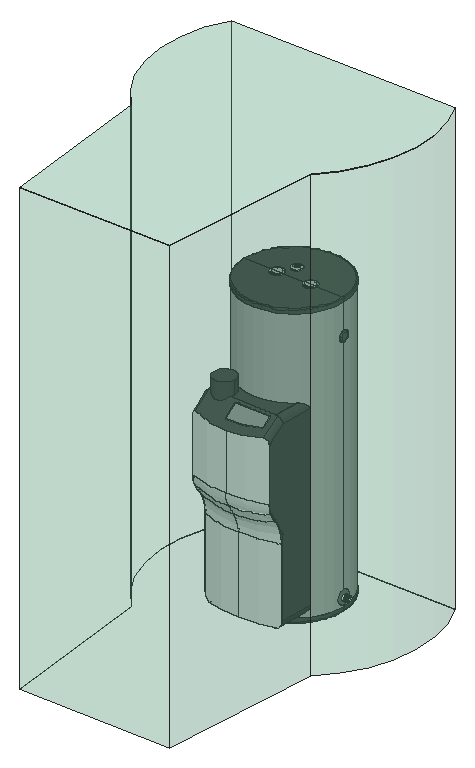
Revit family "Innovo GB_IR 12 160 GB LP", category Mechanical Equipment, Revit 2015
Parameters (values of type "IR-12-160 GB LP")
  Workspace Radius = Diameter + 170 mm  # 780 mm
  Workspace Height = Height + 1000 mm  # 2745 mm
  Workspace Front Distance = 1000 mm
  Working only during off-peak hour = no
  Width = Diameter  # 610 mm
  Workspace [instance] = yes
  Water heating energy efficiency class (2) = "-"
  Water heating energy efficiency class (1) = "A"  # constant formula
  Water heating energy efficiency (2) = "-"
  Water heating energy efficiency (1) = "90%"
  Warranty on tank = "36 months"  # constant formula
  Warranty on parts = "12 months"  # constant formula
  Voltage = 230 V  # constant formula
  Valve Height 02 = if(and(Height = 1745 mm, Diameter = 675 mm), 1518 mm, if(and(Height = 1745 mm, Diameter = 610 mm), 1534 mm, if(Height = 1545 mm, 1328 mm, 1070 mm)))  # 1534 mm
  Valve Height 01 = if(and(Diameter > 560 mm), 693 mm, 604 mm)  # 693 mm
  URL = "www.aosmith.co.uk"
  Type of Packaging = "Carton and Wood"  # constant formula
  Transport Weight = 153 kg
  Trade mark = "A.O. Smith"  # constant formula
  Thermostat temperature setting = 65 °C  # constant formula
  T&P Connection Rp = 1"
  Storage Capacity = 285.0 L
  Standard Set For = "G31"
  Stand-by Loss - daily (24h) = 0 W
  Stand-by Loss = 0 W
  Smart control = no
  Serial Number = "8717449286361"
  Seasonal Energy Efficiency Rating = [Energy Efficiency Rating (Hs, acc NEN-EN 89-1999)]  # 96
  Recovery Rate @ ΔT = 70°C = 380.0 L/s
  Recovery Rate @ ΔT = 55°C = 490.0 L/s
  Recovery Rate @ ΔT = 50°C = 540.0 L/s
  Recovery Rate @ ΔT = 44°C = 610.0 L/s
  Recovery Rate @ ΔT = 28°C = 960.0 L/s
  Product Instruction Link = ""
  Product Documentation Link = ""
  Precaustions during assembling, installation or maintenance = "see User, Installation, Service and Maintenance Manual"  # constant formula
  Power Consumption (peak) = 105 W
  Power Consumption (nominal) = 85 W
  Phase = 1
  Packaging Width = 786 mm  # constant formula
  Packaging Length = 946 mm  # constant formula
  Packaging Height = 1895 mm
  Other load profile = "-"
  Operating Weight = 438 kg
  Nominal Output = "30400"
  Nominal Heat Input (Net) = "29000"
  Nominal Heat Input (Gross) = "31500"
  Noice-level dB (A) = "<45"  # constant formula
  NOx Emissions mg/kWh = "103.0/37.0"
  NOx Emissions (air free, 0% O2) ppm = "63.0/23.0"
  Model identifier = "IR-32-285"
  Model = "IR-32-285 GB LP"
  Min. Setpoint = 40 °C  # constant formula
  Max. Setpoint = 85 °C  # constant formula
  Max. Operating Pressure = 800000.0 Pa
  Max. Flue Gas Outlet Temperature = 65 °C
  Manufacturer Number = "E 7110"  # constant formula
  Manufacturer = "A.O. Smith Water Products Company b.v."  # constant formula
  Maintenance Interval = "12 months"  # constant formula
  Load profile = "XXL"
  Length = 780 mm  # constant formula
  Insulation Thickness = 44 mm
  Installation Type = "B23/C13/C33/C43/C53/C63"  # constant formula
  Indoor sound power level = "58 dB"
  Hot / Warm Water Connection R = 1"
  Height Warm Water Outlet = 1745 mm
  Height Gas Connection = 905 mm
  Height Flue Outlet = 1350 mm
  Height Cold Water Inlet = 170 mm
  Height Air Inlet = 1350 mm
  Height = 1745 mm
  Heating Up Time @ ΔT = 70°C = "38"
  Heating Up Time @ ΔT = 55°C = "30"
  Heating Up Time @ ΔT = 50°C = "27"
  Heating Up Time @ ΔT = 44°C = "24"
  Heating Up Time @ ΔT = 28°C = "16"
  Gas Supply Pressure = 3700.0 Pa
  Gas Flow Rate - Volume ltr/hr = "n.a."
  Gas Flow Rate - Mass kg/h = "2.3"
  Gas Connection R = 15"  # constant formula
  Gas Category = "II2E3P"  # constant formula
  Frequency = 50 Hz  # constant formula
  Flue Diameter - water heater = "80/125 mm/mm"  # constant formula
  Flue Diameter - parallel system = "2x80"  # constant formula
  Flue Diameter - concentric system = "80/125 mm/mm"  # constant formula
  Energy Efficiency Rating (Hs, acc NEN-EN 89-1999) = 96
  Energy Efficiency Rating (Hi, acc NEN-EN 89-1999) = 107
  Empty Weight = 136 kg
  Draw-off Capacity @ ΔT = 70°C after 90 min. = 770.0 L
  Draw-off Capacity @ ΔT = 70°C after 60 min. = 580.0 L
  Draw-off Capacity @ ΔT = 70°C after 30 min. = 390.0 L
  Draw-off Capacity @ ΔT = 70°C after 120 min. = 960.0 L
  Draw-off Capacity @ ΔT = 55°C after 90 min. = 1000.0 L
  Draw-off Capacity @ ΔT = 55°C after 60 min. = 760.0 L
  Draw-off Capacity @ ΔT = 55°C after 30 min. = 520.0 L
  Draw-off Capacity @ ΔT = 55°C after 120 min. = 1300.0 L
  Draw-off Capacity @ ΔT = 50°C after 90 min. = 1200.0 L
  Draw-off Capacity @ ΔT = 50°C after 60 min. = 840.0 L
  Draw-off Capacity @ ΔT = 50°C after 30 min. = 570.0 L
  Draw-off Capacity @ ΔT = 50°C after 120 min. = 1400.0 L
  Draw-off Capacity @ ΔT = 44°C after 90 min. = 1300.0 L
  Draw-off Capacity @ ΔT = 44°C after 60 min. = 960.0 L
  Draw-off Capacity @ ΔT = 44°C after 30 min. = 660.0 L
  Draw-off Capacity @ ΔT = 44°C after 120 min. = 1600.0 L
  Draw-off Capacity @ ΔT = 28°C after 90 min. = 2100.0 L
  Draw-off Capacity @ ΔT = 28°C after 60 min. = 1600.0 L
  Draw-off Capacity @ ΔT = 28°C after 30 min. = 1100.0 L
  Draw-off Capacity @ ΔT = 28°C after 120 min. = 2500.0 L
  Drain Valve Connection Rp = 3/4"  # constant formula
  Diameter = 610 mm
  Destination / Country = "UK & Ireland"  # constant formula
  Description = "Condensing High Efficiency Storage Water Heater"  # constant formula
  Default Setpoint = 65 °C  # constant formula
  Created By = "http://www.cadcompany.nl/"
  Condens Discharge Connection = 40 mm  # constant formula
  Cold Water Connection R = 3/4"  # constant formula
  Co2 Emissions (tol. +/- 1.0) vol% = "10"
  CE-PIN = "0063CQ3037"  # constant formula
  BIM Content Developer = "CAD & Company"  # constant formula
  Assembly Code = "D3010"
  Annual fuel consumption (2) = "-"
  Annual fuel consumption (1) = "21 GJ GCV"
  Annual electricity consumption (2) = "-"
  Annual electricity consumption (1) = "48 kWh"
  APS Pressure < = 210.0 Pa
  2nd Maintenance (general maintenance) = "12 months after installation"  # constant formula
  1e Maintenance (check-up) = "3 months after installation"  # constant formula
Reference planes
  plane 1 "Center (Front/Back)": y = 0
  plane 2: z = 0
  plane 3 "Center (Left/Right)": x = 0
  plane 4 "Pipe": through (-383.901, 912.349, 194.799) normal (-0.0879, -0.0879, 0.9923)
  plane 5 "footing": y = 118.925
  plane 6 "footing front": y = -237.85
  plane 7: x = -305
  plane 8: x = 305
  plane 9: z = 1745
Forms (mm)
  Revolve 1, solid, material "RAL 9005", detail levels medium+fine
    sketch origin (0, -237.85, 0) x (-1, 0, 0) y (0, 0, 1)
      loop
        line (0, 28.9) -> (-15, 28.9) -> (-15, 26.4) -> (-8.671, 26.4) -> (-8.671, 18) -> (-5.686, 18) -> (-6.626, 17.06) -> (-6.626, 12.06) -> (-8.671, 12.06) -> (-8.671, 10) -> (-10.031, 10) -> (-23.271, 5.181)
        arc (-23.271, 5.181) -> (-23.763, 4.836) -> (-24.017, 4.293) r 1.159
        line (-24.017, 4.293) -> (-24.017, 1.03)
        arc (-24.017, 1.03) -> (-23.715, 0.302) -> (-22.986, 0) r 1.03
        line (-22.986, 0) -> (0, 0) -> (0, 28.9)
      axis (0, 28.9) -> (0, 0)
    angle from 0 to 360
  Revolve 2, solid, material "RAL 9005", detail levels medium+fine
    sketch origin (0, 118.925, 0) x (-1, 0, 0) y (0, 0, 1)
      loop
        line (-205.984, 28.9) -> (-220.984, 28.9) -> (-220.984, 26.4) -> (-214.655, 26.4) -> (-214.655, 18) -> (-211.67, 18) -> (-212.61, 17.06) -> (-212.61, 12.06) -> (-214.655, 12.06) -> (-214.655, 10) -> (-216.015, 10) -> (-229.256, 5.181)
        arc (-229.256, 5.181) -> (-229.747, 4.836) -> (-230.001, 4.293) r 1.159
        line (-230.001, 4.293) -> (-230.001, 1.03)
        arc (-230.001, 1.03) -> (-229.699, 0.302) -> (-228.971, 0) r 1.03
        line (-228.971, 0) -> (-205.984, 0) -> (-205.984, 28.9)
      axis (-205.984, 28.9) -> (-205.984, 0)
    angle from 0 to 360
  Revolve 3, solid, material "RAL 9005", detail levels medium+fine
    sketch origin (0, 118.925, 0) x (-1, 0, 0) y (0, 0, 1)
      loop
        line (204.016, 28.9) -> (189.016, 28.9) -> (189.016, 26.4) -> (195.345, 26.4) -> (195.345, 18) -> (198.33, 18) -> (197.39, 17.06) -> (197.39, 12.06) -> (195.345, 12.06) -> (195.345, 10) -> (193.985, 10) -> (180.744, 5.181)
        arc (180.744, 5.181) -> (180.253, 4.836) -> (179.999, 4.293) r 1.159
        line (179.999, 4.293) -> (179.999, 1.03)
        arc (179.999, 1.03) -> (180.301, 0.302) -> (181.029, 0) r 1.03
        line (181.029, 0) -> (204.016, 0) -> (204.016, 28.9)
      axis (204.016, 28.9) -> (204.016, 0)
    angle from 0 to 360
Lines and regions (mm)
  symbolic lines
    curve 1: line (0, 280.06, 0) -> (0, -280.06, 0)
    curve 2: line (-280.06, 0, 0) -> (280.06, 0, 0)
  symbolic lines, style "Workspace"
    curve 3: line (681.142, 380.06, 0) -> (-681.142, 380.06, 0)
    curve 4: arc (-681.142, 380.06, 0) -> (-771.826, -112.627, 0) -> (-544.132, -558.856, 0) r 780
    curve 5: line (-544.132, -558.856, 0) -> (-454.283, -1517.825, 0)
    curve 6: line (-454.283, -1517.825, 0) -> (456.53, -1517.825, 0)
    curve 7: line (456.53, -1517.825, 0) -> (546.343, -556.695, 0)
    curve 8: arc (546.343, -556.695, 0) -> (772.048, -111.097, 0) -> (681.142, 380.06, 0) r 780
Dimensions and locks
  plane 5 "footing" to plane 1 "Center (Front/Back)" = 118.925 mm
  plane 1 "Center (Front/Back)" to plane 6 "footing front" = 237.85 mm
  "Diameter": plane 7 to plane 8
  equal spacing: plane 7, plane 3 "Center (Left/Right)", plane 8
  "Height": plane 9 to plane 2
  "Workspace Front Distance": curve 6 to nested 3
  "Workspace Radius": radius of curve 4
  "Workspace Radius": radius of curve 8
  aligned and locked: level to plane 2
  aligned and locked: nested 3 to Revolve 1 sketch curve
  aligned and locked: plane 3 "Center (Left/Right)" to Revolve 1 sketch curve
  aligned and locked: nested 3 to plane 1 "Center (Front/Back)"
  aligned and locked: plane 3 "Center (Left/Right)" to nested 3
  aligned and locked: nested 1 to plane 8
  aligned and locked: nested 5 to plane 8
  aligned and locked: nested 2 to plane 7
  aligned and locked: nested 4 to plane 7
  aligned and locked: nested 7 to plane 7
  aligned and locked: nested 8 to plane 3 "Center (Left/Right)"
  aligned and locked: plane 1 "Center (Front/Back)" to nested 8
  aligned and locked: nested 8 to nested 3
  aligned and locked: curve 5 to nested 8
  aligned and locked: curve 7 to nested 8
  aligned and locked: curve 3 to nested 8
Automatic sketch dimensions
  Revolve 1 sketch curve to level = 0 mm
  plane 3 "Center (Left/Right)" to Revolve 1 sketch curve = 5.686 mm
  Revolve 1 sketch curve to Revolve 1 sketch curve = 0.94 mm  (x2)
  Revolve 1 sketch curve to Revolve 1 sketch curve = 2.046 mm  (x2)
  Revolve 1 sketch curve to Revolve 1 sketch curve = 1.359 mm
  Revolve 1 sketch curve to Revolve 1 sketch curve = 6.329 mm
  level to Revolve 1 sketch curve = 4.091 mm
  Revolve 1 sketch curve to Revolve 1 sketch curve = 12.844 mm
  level to Revolve 1 sketch curve = 1.03 mm
  Revolve 1 sketch curve to Revolve 1 sketch curve = 0.111 mm
  level to Revolve 1 sketch curve = 5.181 mm
  Revolve 1 sketch curve to Revolve 1 sketch curve = 0.745 mm
  level to Revolve 1 sketch curve = 10 mm
  Revolve 1 sketch curve to Revolve 1 sketch curve = 2.06 mm
  Revolve 1 sketch curve to Revolve 1 sketch curve = 5 mm
  Revolve 1 sketch curve to Revolve 1 sketch curve = 8.4 mm
  Revolve 1 sketch curve to Revolve 1 sketch curve = 2.5 mm
  Revolve 1 sketch curve to level = 19.635 mm
  Revolve 1 sketch curve to Revolve 1 sketch curve = 46.465 mm
  Revolve 2 sketch curve to level = 0 mm
  level to Revolve 2 sketch curve = 1.03 mm
  Revolve 2 sketch curve to plane 8 = 74.999 mm
  level to Revolve 2 sketch curve = 5.181 mm
  Revolve 2 sketch curve to Revolve 2 sketch curve = 0.745 mm
  Revolve 2 sketch curve to Revolve 2 sketch curve = 0.397 mm
  Revolve 2 sketch curve to Revolve 2 sketch curve = 8.271 mm
  Revolve 2 sketch curve to Revolve 2 sketch curve = 13.241 mm
  Revolve 2 sketch curve to Revolve 2 sketch curve = 1.359 mm
  Revolve 2 sketch curve to Revolve 2 sketch curve = 6.329 mm
  Revolve 2 sketch curve to Revolve 2 sketch curve = 2.046 mm
  level to Revolve 2 sketch curve = 18 mm
  Revolve 2 sketch curve to Revolve 2 sketch curve = 0.94 mm  (x2)
  Revolve 2 sketch curve to Revolve 2 sketch curve = 8.671 mm
  Revolve 2 sketch curve to Revolve 2 sketch curve = 1.089 mm
  Revolve 2 sketch curve to Revolve 2 sketch curve = 8 mm
  Revolve 2 sketch curve to Revolve 2 sketch curve = 2.06 mm
  Revolve 2 sketch curve to Revolve 2 sketch curve = 8.4 mm
  Revolve 2 sketch curve to Revolve 2 sketch curve = 2.5 mm
  Revolve 2 sketch curve to Revolve 2 sketch curve = 0 mm
  Revolve 2 sketch curve to level = 19.635 mm
  Revolve 2 sketch curve to Revolve 2 sketch curve = 46.465 mm
  Revolve 3 sketch curve to level = 0 mm
  level to Revolve 3 sketch curve = 1.03 mm
  Revolve 3 sketch curve to plane 7 = 125.001 mm
  level to Revolve 3 sketch curve = 5.181 mm
  Revolve 3 sketch curve to Revolve 3 sketch curve = 0.745 mm
  Revolve 3 sketch curve to Revolve 3 sketch curve = 0.397 mm
  Revolve 3 sketch curve to Revolve 3 sketch curve = 8.271 mm
  Revolve 3 sketch curve to Revolve 3 sketch curve = 13.241 mm
  Revolve 3 sketch curve to Revolve 3 sketch curve = 1.359 mm
  Revolve 3 sketch curve to Revolve 3 sketch curve = 6.329 mm
  Revolve 3 sketch curve to Revolve 3 sketch curve = 2.046 mm
  level to Revolve 3 sketch curve = 18 mm
  Revolve 3 sketch curve to Revolve 3 sketch curve = 0.94 mm  (x2)
  Revolve 3 sketch curve to Revolve 3 sketch curve = 8.671 mm
  Revolve 3 sketch curve to Revolve 3 sketch curve = 1.089 mm
  Revolve 3 sketch curve to Revolve 3 sketch curve = 8 mm
  Revolve 3 sketch curve to Revolve 3 sketch curve = 2.06 mm
  Revolve 3 sketch curve to Revolve 3 sketch curve = 8.4 mm
  Revolve 3 sketch curve to Revolve 3 sketch curve = 2.5 mm
  Revolve 3 sketch curve to Revolve 3 sketch curve = 0 mm
  Revolve 3 sketch curve to level = 19.635 mm
  Revolve 3 sketch curve to Revolve 3 sketch curve = 46.465 mm
  curve 4 to curve 8 = 0 mm  (x2)
  plane 1 "Center (Front/Back)" to curve 2 = 0 mm
  curve 1 to plane 3 "Center (Left/Right)" = 0 mm
  plane 1 "Center (Front/Back)" to curve 4 = 0 mm
  curve 4 to plane 3 "Center (Left/Right)" = 0 mm
  curve 2 to plane 7 = 24.94 mm
  curve 2 to plane 8 = 24.94 mm
  curve 1 to plane 6 "footing front" = 42.21 mm
  plane 5 "footing" to curve 1 = 161.135 mm
Nested families
  nested 1: "Valve" at (305, -0.38, 1534) x (0, 1, 0) z (0, 0, 1), built-in parameter 1001364 <- "Valve Height 02", type "Valve"
  nested 2: "Drain Valve" at (-305, 0, 1534), built-in parameter 1001364 <- "Valve Height 02", type "Drain Valve"
  nested 3: "Housing Mother Housing S 57 (external)" at (0, -299.886, 0), type "Housing Mother_Housing S_57"
    with radius 305 mm, distance to boiler center 154 mm, diameter 610 mm
  nested 4: "Drain Valve" at (-305, 0, 177), type "Drain Valve"
  nested 5: "Drain Valve" at (305, 0, 107) x (-1, 0, 0) z (0, 0, 1), type "Drain Valve"
  nested 6: "Boiler" at (0, 0, 0), height <- "Height", type "Boiler"
    with height 1745 mm, radius 305 mm, Diameter 610 mm
  nested 7: "Drain Valve" at (-305, 0, 693), built-in parameter 1001364 <- "Valve Height 01", type "Drain Valve"
  nested 8: "Innovo_workspace" at (0, 0, 0), Workspace <- "Workspace", Workspace Distance Front <- "Workspace Front Distance", Workspace Height <- "Workspace Height", Workspace Radius <- "Workspace Radius", type "Workspace"
    with Workspace Radius 780 mm, Workspace Height 2745 mm, Workspace Distance Front 1000 mm, Workspace yes, Center to Front 517.825 mm
Connectors
  piping at (339.826, 0, 107), diameter 19.05, driven by "Drain Valve Connection Rp"
    settings: on nested 5, index 1, connector inside diameter 24", connector length 0 mm, flow factor 0, pipe flow 0.0 L/s, pressure drop 0.0 Pa, fitting loss kfactor 0, connector angle 0.00°, fixture units 0, engagement length 0 mm, angle of deflection 0.00°, flow configuration 0, flow direction 0, fitting loss method 0, system type 19, joint type 0, gender type 0, connector reference index -1, connector utility 0, adjustable connector no, is connector primary yes, connector description ""
  hvac at (-147.013, -346.326, 1310.674)
    settings: on nested 3, index 2, duct flow 0.0 L/s, flow factor 0, pres drop 0.0 Pa, loss coef 0, conn angle 0.00°, conn width 304.8 mm, conn height 304.8 mm, conn diameter 125 mm, duct sys type 4, conn prof type 0, flow config 0, flow direction 0, loss method 0, conn ref index -1, conn util no, is conn primary yes, conn desc ""
Definition of nested family "Valve"
  Parameters (values of type "Valve")
    Type Comments = "T&P valve (internal)"
    Manufacturer = "A.O. Smith"
  Reference planes
    plane 1 "Center (Front/Back)": y = 0
    plane 2: z = 0
    plane 3 "Center (Left/Right)": x = 0
  Forms (mm)
    Extrusion 1, solid, detail levels fine
      sketch origin (0, 0, 0) x (1, 0, 0) y (0, 0, 1)
        loop
          circle (0, 0) r 31.5
      from -2.271 to 1.4
    Sweep 2, solid, detail levels fine
      path origin (0, -1.4, 0) x (1, 0, 0) y (0, 0, 1)
        loop
          circle (0, 0) r 31.5
      profile origin (0, -1.4, 31.5) x (0, 0, -1) y (0, -1, 0)
        loop
          line (7.3, 0) -> (7.3, 3) -> (0, 0) -> (7.3, 0)
  Dimensions and locks
    aligned and locked: level to plane 2
Definition of nested family "Drain Valve"
  Reference planes
    plane 1 "Center (Front/Back)": y = 0
    plane 2: z = 0
    plane 3 "Center (Left/Right)": x = 0
  Forms (mm)
    Revolve 1, solid, detail levels medium+fine
      sketch origin (0, 0, 0) x (1, 0, 0) y (0, 0, 1)
        loop
          line (-33.442, 15.696) -> (-34.826, 14.329) -> (-34.93, 12.731) -> (-16.555, 12.731) -> (-16.555, 0) -> (15.787, 0) -> (15.787, 18.3) -> (-14.4, 18.3) -> (-17.148, 15.533) -> (-18.729, 16.697) -> (-20.091, 15.333) -> (-21.672, 16.496) -> (-23.034, 15.133) -> (-24.614, 16.296) -> (-25.976, 14.932) -> (-27.557, 16.096) -> (-28.919, 14.732) -> (-30.5, 15.896) -> (-31.862, 14.532) -> (-33.442, 15.696)
        axis (-34.93, 0) -> (15.787, 0)
      angle from 0 to 360
  Dimensions and locks
    aligned and locked: level to plane 2
  Nested families
    nested 1: "Rubber sealing" at (2.592, -0.155, 0) x (0.0023, -1, 0) z (0, 0, 1), type "Rubber sealing", detail levels fine
  Definition of nested family "Rubber sealing"
    Reference planes
      plane 1 "Center (Front/Back)": y = 0
      plane 2: z = 0
      plane 3 "Center (Left/Right)": x = 0
    Forms (mm)
      Extrusion 1, solid, detail levels fine
        sketch origin (141.861, 319.581, 0) x (1, 0, 0) y (0, 1, 0)
          loop
            line (-216.354, -311.898) -> (-216.354, -313.94)
            arc (-216.354, -313.94) -> (-141.602, -321.581) -> (-66.861, -313.835) r 366.966
            line (-66.861, -313.835) -> (-66.861, -311.791)
            arc (-66.861, -311.791) -> (-141.602, -319.581) -> (-216.354, -311.898) r 364.966
        from -80 to 80
      Extrusion 2, void
        sketch origin (141.861, 319.581, 0) x (1, 0, 0) y (0, 0, 1)
          loop
            circle (-141.861, 0) r 13
          loop
            circle (-141.861, 0) r 110
          loop
            circle (-141.861, 0) r 40
        from 311.563 to 332.684
      Extrusion 3, void
        sketch origin (141.861, 319.581, 0) x (1, 0, 0) y (0, 0, 1)
          loop
            circle (-141.861, 0) r 18.25
        from 315.524 to 326.084
    Cuts and joins
      Extrusion 2, Extrusion 3 cuts Extrusion 1
    Dimensions and locks
      aligned and locked: level to plane 2
Definition of nested family "Housing Mother Housing S 57 (external)"
  Parameters (values of type "Housing Mother_Housing S_57")
    radius [instance] = 280 mm
    distance to boiler center = if(diameter = 675 mm, 189 mm, if(diameter = 610 mm, 154 mm, 129 mm))  # 129 mm
    diameter = 560 mm
  Reference planes
    plane 1 "Center (Front/Back)": y = 0
    plane 2: z = 0
    plane 3 "Center (Left/Right)": x = 0
    plane 4 "left": through (-245.286, 145.886, 1200) normal (0.9994, 0.0349, 0)
    plane 5: y = -217.939
    plane 6: y = 145.886
    plane 7: z = 1232.6
    plane 8: z = 65.89
    plane 9 "right": through (245.286, 145.886, 1200) normal (0.9994, -0.0349, 0)
    plane 10 "display": through (0, -90.37, 1221.196) normal (0, -0.5736, 0.8192)
    plane 11 "Potentiostat": z = 867.899
    plane 12 "boiler center": y = 274.886
    plane 13: x = -280
    plane 14: x = 280
  Forms (mm)
    Extrusion 1, solid
      sketch origin (0, 0, 0) x (1, 0, 0) y (0, 1, 0)
        loop
          line (-245.286, 145.886) -> (-232.581, -217.939) -> (232.581, -217.939) -> (245.286, 145.886)
          arc (245.286, 145.886) -> (0, 0.923) -> (-245.286, 145.886) r 280
      from 0 to 1232.6
    Sweep 2, void
      path origin (0, 0, 0) x (0, 1, 0) y (0, 0, 1)
        loop
          line (-217.939, 1232.6) -> (-217.939, 795.555)
          arc (-217.939, 795.555) -> (-212.387, 754.285) -> (-197.694, 715.322) r 183.924
          arc (-197.694, 715.322) -> (-179.915, 684.628) -> (-159.106, 655.901) r 348.284
          arc (-159.106, 655.901) -> (-131.411, 600.328) -> (-121.88, 538.973) r 202.254
          line (-121.88, 538.973) -> (-121.88, 61.106)
      profile origin (0, -217.939, 1014.077) x (1, 0, 0) y (0, 1, 0)
        loop
          arc (0, 0) -> (-117.533, 9.941) -> (-231.728, 39.475) r 699.984
          arc (-231.728, 39.475) -> (-233.391, 40.705) -> (-234.07, 42.659) r 3.505
          line (-234.07, 42.659) -> (-254.062, 42.659) -> (-254.062, -142.593) -> (254.07, -142.593) -> (254.07, 42.659) -> (234.07, 42.659)
          arc (234.07, 42.659) -> (233.391, 40.705) -> (231.728, 39.475) r 3.505
          arc (231.728, 39.475) -> (117.533, 9.941) -> (0, 0) r 699.984
    Extrusion 3, void
      sketch origin (0, 0, 0) x (0, 1, 0) y (0, 0, 1)
        loop
          arc (102.864, 70.869) -> (99.804, 70.709) -> (96.874, 69.813) r 12.57
          arc (96.874, 69.813) -> (87.878, 66.533) -> (78.516, 64.529) r 69.114
          arc (78.516, 64.529) -> (76.41, 64.284) -> (74.294, 64.148) r 41.206
          arc (74.294, 64.148) -> (65.203, 64.335) -> (56.122, 64.782) r 318.661
          arc (56.122, 64.782) -> (30.585, 66.179) -> (5.028, 67.128) r 1456.581
          line (5.028, 67.128) -> (-84.534, 73.135)
          arc (-84.534, 73.135) -> (-86.363, 73.808) -> (-87.536, 75.365) r 3.455
          line (-87.536, 75.365) -> (-264.473, 75.365) -> (-264.473, 0) -> (160.886, 0) -> (160.886, 103.945) -> (145.886, 103.945)
          arc (145.886, 103.945) -> (145.104, 97.827) -> (142.923, 92.059) r 26.364
          arc (142.923, 92.059) -> (141.067, 88.936) -> (138.867, 86.045) r 31.715
          arc (138.867, 86.045) -> (135.576, 82.49) -> (132.021, 79.2) r 62.615
          arc (132.021, 79.2) -> (125.841, 74.697) -> (119.091, 71.103) r 54.444
          arc (119.091, 71.103) -> (116.371, 70.272) -> (113.531, 70.123) r 11.669
          line (113.531, 70.123) -> (102.864, 70.869)
      from -254.062 to 254.07
    Sweep 4, void
      path origin (0, 0, 0) x (1, 0, 0) y (0, 1, 0)
        loop
          line (-245.286, 145.886) -> (-232.581, -217.939)
      profile origin (-238.933, -36.027, 0) x (0.999391, 0.034899, 0) y (0, 0, 1)
        loop
          line (-4.454, 0) -> (47.084, 0) -> (47.084, 73.431)
          arc (47.084, 73.431) -> (14.222, 85.134) -> (0.255, 117.1) r 43.922
          line (0.255, 117.1) -> (-4.454, 117.1) -> (-4.454, 0)
    Sweep 5, void
      path origin (0, 0, 0) x (-1, 0, 0) y (0, 1, 0)
        loop
          line (-245.286, 145.886) -> (-232.581, -217.939)
      profile origin (238.933, -36.027, 0) x (0.999391, -0.034899, 0) y (0, 0, 1)
        loop
          line (4.454, 0) -> (4.454, 117.1) -> (-0.255, 117.1)
          arc (-0.255, 117.1) -> (-14.222, 85.134) -> (-47.084, 73.431) r 43.922
          line (-47.084, 73.431) -> (-47.084, 0) -> (4.454, 0)
    Sweep 6, void
      path origin (-239.899, -8.377, 0) x (-0.034899, 0.999391, 0) y (0, 0, 1)
        loop
          line (-209.69, 1141.272) -> (-79.18, 1232.6) -> (154.358, 1232.6)
      profile origin (-241.211, 29.188, 1232.6) x (0, 0, 1) y (0.999391, 0.034899, 0)
        loop
          line (-45, -30) -> (75, -30) -> (75, 0) -> (75, 55) -> (2.799, 55) -> (-1.253, 35.128)
          arc (-1.253, 35.128) -> (-16.771, 9.564) -> (-45, -0.308) r 44.287
          line (-45, -0.308) -> (-45, -30)
    Sweep 7, void
      path origin (239.899, -8.377, 0) x (0.034899, 0.999391, 0) y (0, 0, 1)
        loop
          line (-209.69, 1141.272) -> (-79.18, 1232.6) -> (154.358, 1232.6)
      profile origin (241.211, 29.188, 1232.6) x (0, 0, -1) y (-0.999391, 0.034899, 0)
        loop
          line (-75, -25) -> (45, -25) -> (45, -0.308)
          arc (45, -0.308) -> (16.771, 9.564) -> (1.253, 35.128) r 44.287
          line (1.253, 35.128) -> (-2.799, 55) -> (-75, 55) -> (-75, -25)
    Extrusion 8, void
      sketch origin (0, 0, 0) x (0, 1, 0) y (0, 0, 1)
        loop
          line (-270, 1336.099) -> (-270, 1099.081) -> (68.497, 1336.099) -> (-270, 1336.099)
      from -425.038 to 444.42
    Extrusion 9, solid, detail levels medium+fine
      sketch origin (0, 0, 0) x (1, 0, 0) y (0, 1, 0)
        loop
          circle (-147.013, -46.44) r 65
      from 1163.174 to 1310.674
    Extrusion 10, void
      sketch origin (0, -603.506, 861.895) x (0, 0.819152, 0.573576) y (-1, 0, 0)
        loop
          arc (618.322, -173) -> (623.272, -170.95) -> (625.322, -166) r 7
          line (625.322, -166) -> (625.322, 35)
          arc (625.322, 35) -> (623.272, 39.95) -> (618.322, 42) r 7
          line (618.322, 42) -> (535.473, 42)
          arc (535.473, 42) -> (530.688, 40.11) -> (528.488, 35.46) r 7
          arc (528.488, 35.46) -> (531.569, -67.592) -> (554.18, -168.18) r 540
          arc (554.18, -168.18) -> (556.724, -171.668) -> (560.831, -173) r 7
          line (560.831, -173) -> (618.322, -173)
      from 0 to 137.286
    Sweep 11, solid, detail levels fine
      path origin (0, 0, 867.899) x (-1, 0, 0) y (0, -1, 0)
        loop
          line (309.749, -35.617) -> (204.371, -35.617)
          arc (204.371, -35.617) -> (196.509, -34.687) -> (189.082, -31.947) r 33.677
          line (189.082, -31.947) -> (-9.574, 69.274)
      profile origin (-257.06, 35.617, 867.899) x (0, 1, 0) y (0, 0, 1)
        loop
          circle (0, 0) r 7.316
        loop
          circle (0, 0) r 6.465
    Revolve 12, void
      sketch origin (0, 274.886, 0) x (-1, 0, 0) y (0, 0, 1)
        loop
          line (280, 1243.838) -> (0, 1243.838) -> (0, 54.9) -> (280, 54.9) -> (280, 1243.838)
        axis (0, 1243.838) -> (0, 54.9)
      angle from 0 to 360
  Cuts and joins
    Sweep 2, Extrusion 3, Sweep 4, Sweep 5, Sweep 6, Sweep 7, Extrusion 8, Extrusion 10, Revolve 12 cuts Extrusion 1
  Dimensions and locks
    plane 8 to plane 2 = 65.89 mm
    plane 7 to plane 8 = 1166.71 mm
    "distance to boiler center": plane 12 "boiler center" to plane 6
    "diameter": plane 14 to plane 13
    equal spacing: plane 14, plane 3 "Center (Left/Right)", plane 13
    "radius": plane 3 "Center (Left/Right)" to plane 13
    aligned and locked: level to plane 2
    aligned and locked: Extrusion 1 to plane 7
    aligned and locked: Extrusion 1 sketch curve to plane 5
    aligned and locked: Sweep 2 to Extrusion 3
    aligned and locked: Extrusion 3 to Sweep 2  (x2)
    aligned and locked: plane 7 to Sweep 2 sketch curve
    aligned and locked: plane 3 "Center (Left/Right)" to Revolve 12 sketch curve
    aligned and locked: Revolve 12 sketch curve to plane 3 "Center (Left/Right)"
    aligned and locked: plane 13 to Revolve 12 sketch curve
  Automatic sketch dimensions
    Extrusion 1 sketch curve to plane 4 "left" = 0 mm  (x2)
    Extrusion 1 sketch curve to plane 6 = 0 mm  (x2)
    Extrusion 1 sketch curve to plane 3 "Center (Left/Right)" = 0 mm
    Extrusion 1 sketch curve to plane 9 "right" = 0 mm
    plane 6 to Extrusion 1 sketch curve = 135.037 mm
    Sweep 2 sketch curve to plane 5 = 0 mm
    plane 5 to Sweep 2 sketch curve = 106.195 mm
    Sweep 2 sketch curve to plane 5 = 96.059 mm
    plane 1 "Center (Front/Back)" to Sweep 2 sketch curve = 34.053 mm
    plane 11 "Potentiostat" to Sweep 2 sketch curve = 6.417 mm
    Sweep 2 sketch curve to plane 6 = 33.705 mm
    Sweep 2 sketch curve to plane 11 "Potentiostat" = 68.615 mm
    Sweep 2 sketch curve to plane 11 "Potentiostat" = 72.345 mm
    Sweep 2 sketch curve to Sweep 2 sketch curve = 176.349 mm
    Sweep 2 sketch curve to Sweep 2 sketch curve = 0 mm  (x2)
    plane 8 to Sweep 2 sketch curve = 4.784 mm
    Extrusion 3 sketch curve to level = 0 mm
    Extrusion 3 sketch curve to plane 6 = 0 mm
    Extrusion 3 sketch curve to plane 6 = 26.363 mm
    Extrusion 3 sketch curve to Extrusion 3 sketch curve = 4.75 mm
    Extrusion 3 sketch curve to Extrusion 3 sketch curve = 5.179 mm
    Extrusion 3 sketch curve to plane 8 = 4.232 mm
    Extrusion 3 sketch curve to Extrusion 3 sketch curve = 0.814 mm
    Extrusion 3 sketch curve to plane 8 = 4.978 mm
    Extrusion 3 sketch curve to Extrusion 3 sketch curve = 10.667 mm
    Extrusion 3 sketch curve to Extrusion 3 sketch curve = 0.877 mm
    Extrusion 3 sketch curve to Extrusion 3 sketch curve = 17.827 mm
    Extrusion 3 sketch curve to Extrusion 3 sketch curve = 5.646 mm
    Extrusion 3 sketch curve to plane 6 = 69.562 mm
    Extrusion 3 sketch curve to Extrusion 3 sketch curve = 18.6 mm
    Extrusion 3 sketch curve to Extrusion 3 sketch curve = 22.538 mm
    Extrusion 3 sketch curve to plane 8 = 1.238 mm
    Extrusion 3 sketch curve to plane 1 "Center (Front/Back)" = 5.028 mm
    plane 1 "Center (Front/Back)" to Extrusion 3 sketch curve = 36.224 mm
    Extrusion 3 sketch curve to plane 8 = 10.692 mm
    plane 1 "Center (Front/Back)" to Extrusion 3 sketch curve = 84.302 mm
    Extrusion 3 sketch curve to plane 8 = 7.244 mm
    Extrusion 3 sketch curve to Extrusion 3 sketch curve = 0.231 mm
    Extrusion 3 sketch curve to Extrusion 3 sketch curve = 3.234 mm
    plane 5 to Extrusion 3 sketch curve = 46.534 mm
    plane 6 to Extrusion 3 sketch curve = 15 mm
    Extrusion 3 sketch curve to level = 1388.869 mm
    plane 8 to Extrusion 3 sketch curve = 7.561 mm
    Extrusion 3 sketch curve to Extrusion 3 sketch curve = 11.64 mm
    Extrusion 3 sketch curve to plane 8 = 38.054 mm
    Extrusion 3 sketch curve to Extrusion 3 sketch curve = 22.442 mm
    Extrusion 3 sketch curve to plane 8 = 39.432 mm
    Extrusion 3 sketch curve to Extrusion 3 sketch curve = 2.466 mm
    Extrusion 3 sketch curve to Extrusion 3 sketch curve = 14.17 mm
    Extrusion 3 sketch curve to Extrusion 3 sketch curve = 5.925 mm
    Extrusion 3 sketch curve to Extrusion 3 sketch curve = 6.186 mm
    Extrusion 3 sketch curve to Extrusion 3 sketch curve = 249.85 mm
    Extrusion 3 sketch curve to Extrusion 3 sketch curve = 0 mm  (x4)
    Extrusion 3 sketch curve to Extrusion 3 sketch curve = 6.845 mm
    plane 8 to Extrusion 3 sketch curve = 1.743 mm
    Sweep 4 sketch curve to plane 4 "left" = 0 mm  (x2)
    Sweep 4 sketch curve to plane 6 = 0 mm
    plane 5 to Sweep 4 sketch curve = 0 mm
    Sweep 4 sketch curve to level = 0 mm
    profile plane to Sweep 4 sketch curve = 4.454 mm
    Sweep 4 sketch curve to profile plane = 0.255 mm
    Sweep 4 sketch curve to Sweep 4 sketch curve = 43.922 mm
    Sweep 4 sketch curve to profile plane = 47.084 mm
    level to Sweep 4 sketch curve = 73.431 mm
    Sweep 4 sketch curve to Sweep 4 sketch curve = 43.669 mm
    Sweep 5 sketch curve to plane 6 = 0 mm
    Sweep 5 sketch curve to plane 9 "right" = 0 mm  (x2)
    plane 5 to Sweep 5 sketch curve = 0 mm
    Sweep 5 sketch curve to level = 0 mm
    profile plane to Sweep 5 sketch curve = 47.084 mm
    Sweep 5 sketch curve to Sweep 5 sketch curve = 2.907 mm
    profile plane to Sweep 5 sketch curve = 0.255 mm
    Sweep 5 sketch curve to profile plane = 4.454 mm
    level to Sweep 5 sketch curve = 73.431 mm
    Sweep 5 sketch curve to Sweep 5 sketch curve = 43.669 mm
    Sweep 6 sketch curve to plane 7 = 0 mm
    plane 7 to Sweep 6 sketch curve = 91.328 mm
    Sweep 6 sketch curve to Sweep 6 sketch curve = 130.509 mm
    Sweep 6 sketch curve to Sweep 6 sketch curve = 233.538 mm
    Sweep 6 sketch curve to plane 4 "left" = 0 mm
    profile plane to Sweep 6 sketch curve = 45 mm
    Sweep 6 sketch curve to Sweep 6 sketch curve = 0.354 mm
    profile plane to Sweep 6 sketch curve = 1.253 mm
    Sweep 6 sketch curve to profile plane = 2.799 mm
    Sweep 6 sketch curve to Sweep 6 sketch curve = 72.201 mm
    Sweep 6 sketch curve to plane 4 "left" = 0.308 mm
    Sweep 6 sketch curve to Sweep 6 sketch curve = 29.692 mm
    plane 4 "left" to Sweep 6 sketch curve = 35.128 mm
    plane 4 "left" to Sweep 6 sketch curve = 55 mm
    Sweep 7 sketch curve to plane 7 = 0 mm
    Sweep 7 sketch curve to plane 7 = 91.328 mm
    Sweep 7 sketch curve to Sweep 7 sketch curve = 130.509 mm
    Sweep 7 sketch curve to Sweep 7 sketch curve = 233.538 mm
    Sweep 7 sketch curve to plane 9 "right" = 25 mm
    profile plane to Sweep 7 sketch curve = 75 mm
    profile plane to Sweep 7 sketch curve = 2.799 mm
    Sweep 7 sketch curve to profile plane = 1.253 mm
    Sweep 7 sketch curve to Sweep 7 sketch curve = 43.393 mm
    Sweep 7 sketch curve to profile plane = 45 mm
    Sweep 7 sketch curve to plane 9 "right" = 0.308 mm
    plane 9 "right" to Sweep 7 sketch curve = 35.128 mm
    Sweep 7 sketch curve to Sweep 7 sketch curve = 19.872 mm
    plane 5 to Extrusion 8 sketch curve = 52.061 mm
    Extrusion 8 sketch curve to plane 1 "Center (Front/Back)" = 68.497 mm
    plane 7 to Extrusion 8 sketch curve = 133.519 mm
    Extrusion 8 sketch curve to plane 7 = 103.499 mm
    plane 1 "Center (Front/Back)" to Extrusion 9 sketch curve = 46.44 mm
    Extrusion 9 sketch curve to plane 3 "Center (Left/Right)" = 147.013 mm
    Extrusion 10 sketch curve to plane 3 "Center (Left/Right)" = 0 mm
    Extrusion 10 sketch curve to plane 3 "Center (Left/Right)" = 35 mm
    Extrusion 10 sketch curve to Extrusion 10 sketch curve = 25.359 mm
    Extrusion 10 sketch curve to Extrusion 10 sketch curve = 57.491 mm
    Extrusion 10 sketch curve to plane 3 "Center (Left/Right)" = 42 mm
    Extrusion 10 sketch curve to Extrusion 10 sketch curve = 82.85 mm
    Extrusion 10 sketch curve to Extrusion 10 sketch curve = 7 mm
    Extrusion 10 sketch curve to Extrusion 10 sketch curve = 442 mm
    plane 3 "Center (Left/Right)" to Extrusion 10 sketch curve = 166 mm
    Extrusion 10 sketch curve to Extrusion 10 sketch curve = 0 mm  (x2)
    Sweep 11 sketch curve to plane 1 "Center (Front/Back)" = 31.947 mm
    Sweep 11 sketch curve to plane 3 "Center (Left/Right)" = 189.082 mm
    Sweep 11 sketch curve to plane 1 "Center (Front/Back)" = 1.94 mm
    Sweep 11 sketch curve to Sweep 11 sketch curve = 15.289 mm
    plane 3 "Center (Left/Right)" to Sweep 11 sketch curve = 9.574 mm
    Sweep 11 sketch curve to Sweep 11 sketch curve = 105.378 mm
    plane 1 "Center (Front/Back)" to Sweep 11 sketch curve = 69.274 mm
    Sweep 11 sketch curve to Sweep 11 sketch curve = 0 mm  (x2)
    Sweep 11 sketch curve to plane 11 "Potentiostat" = 0 mm
    Sweep 11 sketch curve to profile plane = 0 mm
    plane 8 to Revolve 12 sketch curve = 10.99 mm
    Revolve 12 sketch curve to plane 7 = 11.238 mm
    Revolve 12 sketch curve to level = 366.045 mm
    Revolve 12 sketch curve to Revolve 12 sketch curve = 971.917 mm
    Sweep 2 sketch curve to plane 3 "Center (Left/Right)" = 0 mm
    profile plane to Sweep 2 sketch curve = 0 mm
    Sweep 2 sketch curve to plane 3 "Center (Left/Right)" = 0.016 mm
    Sweep 2 sketch curve to profile plane = 42.782 mm  (x2)
    Sweep 2 sketch curve to plane 3 "Center (Left/Right)" = 230.568 mm
    plane 3 "Center (Left/Right)" to Sweep 2 sketch curve = 0.016 mm
    plane 3 "Center (Left/Right)" to Sweep 2 sketch curve = 230.568 mm
    Sweep 2 sketch curve to Sweep 2 sketch curve = 3.502 mm  (x2)
    Sweep 2 sketch curve to Sweep 2 sketch curve = 20 mm
    profile plane to Sweep 2 sketch curve = 142.593 mm
    Sweep 2 sketch curve to Sweep 2 sketch curve = 0.122 mm  (x2)
    Sweep 2 sketch curve to Sweep 2 sketch curve = 657.203 mm
    Sweep 2 sketch curve to Sweep 2 sketch curve = 19.991 mm
    radius of Extrusion 9 sketch curve = 65 mm
    radius of Sweep 11 sketch curve = 7.316 mm
    radius of Sweep 11 sketch curve = 6.465 mm
  Nested families
    nested 1: "display" at (65.5, -130.939, 1192.79) x (-1, 0, 0) z (0, -0.5736, 0.8192), type "display"
  Definition of nested family "display"
    Parameters (values of type "display")
      Default Elevation = 1219.2 mm
    Reference planes
      plane 1 "Center (Front/Back)": y = 0
      plane 2: z = 0
      plane 3 "Center (Left/Right)": x = 0
    Forms (mm)
      Extrusion 1, solid, detail levels medium+fine
        sketch origin (-16.958, 11.842, -343.878) x (1, 0, 0) y (0, 0, -1)
          loop
            line (-233.523, -343.878) -> (-233.523, -346.592) -> (332.686, -346.592) -> (332.686, -343.878) -> (-233.523, -343.878)
        from -228.7 to 150.822
      Extrusion 2, void
        sketch origin (-16.958, 6.842, -343.878) x (1, 0, 0) y (0, 1, 0)
          loop
            line (-233.523, 155.822) -> (-233.523, -223.7) -> (332.686, -223.7) -> (332.686, 155.822) -> (-233.523, 155.822)
          loop
            arc (-90.542, -48.267) -> (-88.492, -53.216) -> (-83.542, -55.267) r 7
            line (-83.542, -55.267) -> (117.458, -55.267)
            arc (117.458, -55.267) -> (122.408, -53.216) -> (124.458, -48.267) r 7
            line (124.458, -48.267) -> (124.458, 34.583)
            arc (124.458, 34.583) -> (122.568, 39.368) -> (117.918, 41.568) r 7
            arc (117.918, 41.568) -> (14.866, 38.487) -> (-85.722, 15.876) r 540
            arc (-85.722, 15.876) -> (-89.21, 13.332) -> (-90.542, 9.224) r 7
            line (-90.542, 9.224) -> (-90.542, -48.267)
        from 328.878 to 363.083
    Cuts and joins
      Extrusion 2 cuts Extrusion 1
    Dimensions and locks
      aligned and locked: level to plane 2
Definition of nested family "Boiler"
  Parameters (values of type "Boiler")
    radius [instance] = 280 mm
    height [instance] = 1270 mm
    Diameter = 560 mm
  Reference planes
    plane 1 "Center (Front/Back)": y = 0
    plane 2: z = 0
    plane 3 "Center (Left/Right)": x = 0
    plane 4: z = 1243.838
    plane 5: z = 1270
    plane 6 "bottom": z = 28.9
    plane 7: z = 54.9
    plane 8 "top controle": y = 88
    plane 9: x = -280
    plane 10: x = 280
  Forms (mm)
    Revolve 1, solid
      sketch origin (0, 0, 0) x (1, 0, 0) y (0, 0, 1)
        loop
          line (0, 54.9) -> (-280, 54.9) -> (-280, 32.9)
          arc (-280, 32.9) -> (-278.828, 30.072) -> (-276, 28.9) r 4
          line (-276, 28.9) -> (0, 28.9) -> (0, 54.9)
        axis (0, 28.9) -> (0, 54.9)
      angle from 0 to 360
    Revolve 2, solid
      sketch origin (1.311, 0, 0) x (1, 0, 0) y (0, 0, 1)
        loop
          line (-278.86, 1243.838) -> (-278.86, 54.9) -> (-1.311, 54.9) -> (-1.311, 1243.838) -> (-278.86, 1243.838)
        axis (-1.311, 1243.838) -> (-1.311, 54.9)
      angle from 0 to 360
    Revolve 3, solid
      sketch origin (-9.205, 0, 377.212) x (-1, 0, 0) y (0, 0, 1)
        loop
          line (-148.904, 892.788) -> (-110.805, 892.788) -> (-110.805, 895.963) -> (-141.883, 895.963) -> (-148.904, 893.62) -> (-148.904, 892.788)
        axis (-110.805, 892.788) -> (-110.805, 895.963)
      angle from 0 to 360
    Revolve 4, solid
      sketch origin (0, 0, 718.065) x (1, 0, 0) y (0, 0, -1)
        loop
          line (0, -525.773) -> (-280, -525.773) -> (-280, -547.935)
          arc (-280, -547.935) -> (-278.828, -550.763) -> (-276, -551.935) r 4
          line (-276, -551.935) -> (0, -551.935) -> (0, -525.773)
        axis (0, -551.935) -> (0, -525.773)
      angle from 0 to 360
    Revolve 5, solid
      sketch origin (0, 88, 0) x (1, 0, 0) y (0, 0, 1)
        loop
          line (-19.051, 1270) -> (-19.051, 1271.074) -> (-32.63, 1275.604) -> (-32.63, 1271.117) -> (-37.266, 1271.117) -> (-38.383, 1270) -> (-19.051, 1270)
        axis (-50.8, 1270) -> (-50.8, 1275.604)
      angle from 0 to 360
    Revolve 6, solid
      sketch origin (-217.12, 0, 372.245) x (-1, 0, 0) y (0, 0, 1)
        loop
          line (-153.622, 897.755) -> (-115.52, 897.755) -> (-115.52, 900.93) -> (-146.626, 900.93) -> (-153.622, 898.596) -> (-153.622, 897.755)
        axis (-115.52, 897.755) -> (-115.52, 900.93)
      angle from 0 to 360
  Dimensions and locks
    "height": plane 5 to plane 2
    plane 6 "bottom" to plane 2 = 28.9 mm
    locked: plane 5 to plane 4 at 26.162
    locked: plane 1 "Center (Front/Back)" to plane 8 "top controle" at 88
    "Diameter": plane 10 to plane 9
    equal spacing: plane 10, plane 3 "Center (Left/Right)", plane 9
    "radius": plane 3 "Center (Left/Right)" to plane 9
    locked: plane 9 to Revolve 2 sketch curve at 2.452
    aligned and locked: level to plane 2
    aligned and locked: Revolve 2 sketch curve to plane 7
    aligned and locked: Revolve 2 sketch curve to plane 4
    aligned and locked: Revolve 1 sketch curve to plane 7
    aligned and locked: plane 6 "bottom" to Revolve 1 sketch curve
    aligned and locked: Revolve 4 sketch curve to plane 3 "Center (Left/Right)"
    aligned and locked: plane 5 to Revolve 4 sketch curve
    aligned and locked: Revolve 4 sketch curve to plane 4
    aligned and locked: plane 9 to Revolve 4 sketch curve
    aligned and locked: Revolve 1 sketch curve to plane 9
    aligned and locked: Revolve 2 sketch curve to plane 3 "Center (Left/Right)"
    aligned and locked: plane 3 "Center (Left/Right)" to Revolve 2 sketch curve
  Automatic sketch dimensions
    Revolve 1 sketch curve to plane 3 "Center (Left/Right)" = 0 mm  (x2)
    Revolve 1 sketch curve to Revolve 1 sketch curve = 4 mm
    Revolve 1 sketch curve to level = 40 mm
    Revolve 1 sketch curve to Revolve 1 sketch curve = 305.1 mm
    Revolve 2 sketch curve to level = 366.045 mm
    Revolve 2 sketch curve to plane 5 = 945.755 mm
    Revolve 3 sketch curve to plane 5 = 0 mm
    Revolve 3 sketch curve to plane 3 "Center (Left/Right)" = 139.699 mm
    plane 5 to Revolve 3 sketch curve = 3.175 mm
    Revolve 3 sketch curve to Revolve 3 sketch curve = 7.022 mm
    Revolve 3 sketch curve to Revolve 3 sketch curve = 31.078 mm
    Revolve 3 sketch curve to Revolve 3 sketch curve = 0.832 mm
    Revolve 3 sketch curve to Revolve 3 sketch curve = 0 mm
    Revolve 3 sketch curve to Revolve 3 sketch curve = 2.338 mm
    Revolve 3 sketch curve to Revolve 3 sketch curve = 4.487 mm
    Revolve 4 sketch curve to plane 3 "Center (Left/Right)" = 0 mm
    Revolve 4 sketch curve to Revolve 4 sketch curve = 4 mm
    Revolve 4 sketch curve to Revolve 4 sketch curve = 68.738 mm
    Revolve 4 sketch curve to Revolve 4 sketch curve = 305.1 mm
    Revolve 6 sketch curve to plane 5 = 0 mm
    plane 3 "Center (Left/Right)" to Revolve 6 sketch curve = 63.497 mm
    plane 5 to Revolve 6 sketch curve = 3.175 mm
    Revolve 6 sketch curve to Revolve 6 sketch curve = 6.997 mm
    Revolve 6 sketch curve to Revolve 6 sketch curve = 31.106 mm
    Revolve 6 sketch curve to Revolve 6 sketch curve = 0.84 mm
    Revolve 6 sketch curve to Revolve 6 sketch curve = 0 mm
    Revolve 6 sketch curve to Revolve 6 sketch curve = 7.216 mm
    Revolve 6 sketch curve to Revolve 6 sketch curve = 0.391 mm
    Revolve 5 sketch curve to Revolve 5 sketch curve = 13.578 mm
    Revolve 5 sketch curve to Revolve 5 sketch curve = 1.074 mm
    Revolve 5 sketch curve to Revolve 5 sketch curve = 12.417 mm
    Revolve 5 sketch curve to Revolve 5 sketch curve = 5.753 mm
    Revolve 5 sketch curve to plane 5 = 1.117 mm
    Revolve 5 sketch curve to Revolve 5 sketch curve = 1.117 mm
    plane 5 to Revolve 5 sketch curve = 4.396 mm
    Revolve 5 sketch curve to plane 5 = 0 mm
    Revolve 5 sketch curve to Revolve 5 sketch curve = 4.487 mm
    Revolve 5 sketch curve to plane 3 "Center (Left/Right)" = 38.383 mm
    Revolve 5 sketch curve to plane 5 = 5.604 mm
Definition of nested family "Innovo_workspace"
  Parameters (values of type "Workspace")
    Workspace Radius [instance] = 730 mm
    Workspace Height [instance] = 2270 mm
    Workspace Distance Front [instance] = 1000 mm
    Workspace [instance] = yes
    URL = "www.aosmith.nl"
    Model = ""
    Manufacturer = "A.O. Smith Water Products Company b.v."  # constant formula
    Description = ""
    Created By = ""
    Center to Front [instance] = 492.825 mm
    BIM Content Developer = "CAD & Company"  # constant formula
    Assembly Code = ""
  Reference planes
    plane 1 "Center (Front/Back)": y = 0
    plane 2: z = 0
    plane 3 "Center (Left/Right)": x = 0
    plane 4 "Pipe": through (-383.901, 912.349, 194.799) normal (-0.0879, -0.0879, 0.9923)
    plane 5 "front": y = -492.825
  Forms (mm)
    Extrusion 1, solid, visible <- "Workspace"
      sketch origin (0, 0, 0) x (1, 0, 0) y (0, 1, 0)
        loop
          line (456.53, -1492.825) -> (500.201, -531.695)
          arc (500.201, -531.695) -> (723.44, -97.643) -> (623.261, 380.06) r 730
          line (623.261, 380.06) -> (-623.261, 380.06)
          arc (-623.261, 380.06) -> (-723.227, -99.209) -> (-497.893, -533.856) r 730
          line (-497.893, -533.856) -> (-454.283, -1492.825) -> (456.53, -1492.825)
      from 0 to 2270 <- "Workspace Height"
  Lines and regions (mm)
    symbolic lines
      curve 1: line (0, 280.06, 0) -> (0, -280.06, 0)
      curve 2: line (-255.06, 0, 0) -> (255.06, 0, 0)
  Dimensions and locks
    locked: Extrusion 1 sketch curve to curve 1 at 100
    "Workspace Distance Front": plane 5 "front" to Extrusion 1
    "Center to Front": plane 1 "Center (Front/Back)" to plane 5 "front"
    "Workspace Radius": radius of Extrusion 1 sketch curve  (x2)
    aligned and locked: level to plane 2
  Automatic sketch dimensions
    plane 1 "Center (Front/Back)" to curve 2 = 0 mm
    curve 1 to plane 3 "Center (Left/Right)" = 0 mm
    plane 3 "Center (Left/Right)" to curve 2 = 255.06 mm
    curve 1 to plane 1 "Center (Front/Back)" = 280.06 mm
    curve 2 to plane 3 "Center (Left/Right)" = 255.06 mm
    plane 5 "front" to curve 1 = 212.765 mm
    Extrusion 1 sketch curve to Extrusion 1 sketch curve = 0 mm  (x2)
    plane 1 "Center (Front/Back)" to Extrusion 1 sketch curve = 0 mm
    Extrusion 1 sketch curve to plane 3 "Center (Left/Right)" = 0 mm
    Extrusion 1 sketch curve to plane 5 "front" = 41.031 mm
    Extrusion 1 sketch curve to plane 3 "Center (Left/Right)" = 454.283 mm
    plane 3 "Center (Left/Right)" to Extrusion 1 sketch curve = 456.53 mm
    Extrusion 1 sketch curve to plane 5 "front" = 38.869 mm
    Extrusion 1 sketch curve to Extrusion 1 sketch curve = 961.131 mm
